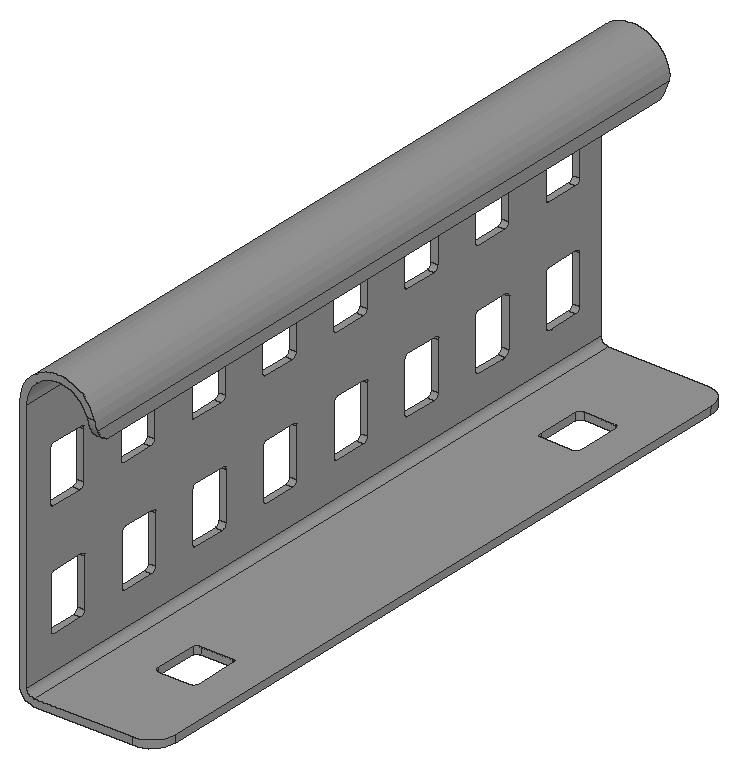
Revit family "Längsverbinder-LVG 60 FS,FT,FT SO,A2,A4", category Generic Models, Revit 2017
Family settings
  Can host rebar = No
  Round Connector Dimension = Use Diameter
  Part Type = Normal
  Work Plane-Based = No
  Always vertical = Yes
  Cut with Voids When Loaded = No
  Shared = No
  Room Calculation Point = No
Parameters (values of type "LVG 60 FT")
  Width 1 = 150 mm
  Width = 28.5 mm
  URL = "http://www.obo-bettermann.com"
  Radius = 5 mm
  Material = Hot-dip galvanised
  Manufacturer Art.No. = "6208843"
  Manufacturer = "OBO Bettermann"
  Height = 64 mm
  GTIN = "4012195065562"
  Article Type = "LVG 60 FT"
Types (6, lengths in mm): name | Material | Manufacturer Art.No. | GTIN | Article Type
  (no name) | Hot-dip galvanised | "6208843" | "4012195065562" | "LVG 60 FT"
  LVG 60 FS | Strip-galvanised | "6208840" | "4012195065555" | "LVG 60 FS"
  LVG 60 FT | Hot-dip galvanised | "6208843" | "4012195065562" | "LVG 60 FT"
  LVG 60 FT SO | Hot-dip galvanised 85 µm | "7189253" | "4012195313137" | "LVG 60 FT SO"
  LVG 60 A2 | Stainless steel, A2 | "6208846" | "4012195065579" | "LVG 60 A2"
  LVG 60 A4 | Stainless steel, A4 | "6208835" | "4012196666799" | "LVG 60 A4"
Reference planes
  plane 1 "Center (Front/Back)": y = 0
  plane 2: z = 0
  plane 3 "Center (Left/Right)": x = 0
  plane 4: z = 64
  plane 5: z = 61.018
  plane 6: through (-7.724, -1524, 53.056) normal (0.0017, 0, 1)
  plane 7: z = 62.504
  plane 8: x = 28.5
  plane 9: z = 52.935
  plane 10: z = 16
  plane 11: z = 40
  plane 12: z = 64.012
  plane 13: y = 75
  plane 14: z = 16
  plane 15: y = 140
  plane 16: y = 140
  plane 17: y = 121.5
  plane 18: y = 121.523
  plane 19: y = 103.045
  plane 20: y = 84.568
  plane 21: y = 66.09
  plane 22: y = 47.613
  plane 23: y = 29.136
  plane 24: y = 10.658
  plane 25: z = 40
  plane 26: y = 140
  plane 27: y = 121.487
  plane 28: y = 102.975
  plane 29: y = 84.462
  plane 30: y = 65.95
  plane 31: y = 47.437
  plane 32: y = 28.925
  plane 33: y = 10.412
  plane 34: x = 16.5
  plane 35: x = 16.5
  plane 36: y = 10.912
  plane 37: y = 140
  plane 38: y = 19.5
  plane 39: y = 130.5
  plane 40: x = 12.451
Forms (mm)
  Extrusion 1, solid, material "Hot-dip galvanised" <- "Material"
    sketch origin (0, 0, 0.018) x (1, 0, 0) y (0, 0, 1)
      loop
        line (28.5, 1.482) -> (3, 1.482)
        arc (3, 1.482) -> (1.939, 1.922) -> (1.5, 2.982) r 1.5
        line (1.5, 2.982) -> (1.5, 55.993)
        arc (1.5, 55.993) -> (7.957, 62.45) -> (14.414, 55.993) r 6.457
        line (14.414, 55.993) -> (14.414, 52.935) -> (15.931, 53.481) -> (15.931, 55.958)
        arc (15.931, 55.958) -> (7.965, 63.923) -> (0, 55.958) r 7.965
        line (0, 55.958) -> (0, 2.99)
        arc (0, 2.99) -> (0.881, 0.863) -> (3.008, -0.018) r 3.008
        line (3.008, -0.018) -> (28.5, -0.018) -> (28.5, 1.482)
    from -150 to 0
  Extrusion 2, void
    sketch origin (0, 0, 0) x (0, 1, 0) y (0, 0, 1)
      loop
        line (143.5, 22) -> (136.5, 22)
        arc (136.5, 22) -> (135.793, 21.707) -> (135.5, 21) r 1
        line (135.5, 21) -> (135.5, 11)
        arc (135.5, 11) -> (135.793, 10.293) -> (136.5, 10) r 1
        line (136.5, 10) -> (143.5, 10)
        arc (143.5, 10) -> (144.207, 10.293) -> (144.5, 11) r 1
        line (144.5, 11) -> (144.5, 21)
        arc (144.5, 21) -> (144.207, 21.707) -> (143.5, 22) r 1
    from 0 to 1.5
  Extrusion 3, void
    sketch origin (0, -18.477, 0) x (0, 1, 0) y (0, 0, 1)
      loop
        line (143.5, 22) -> (136.5, 22)
        arc (136.5, 22) -> (135.793, 21.707) -> (135.5, 21) r 1
        line (135.5, 21) -> (135.5, 11)
        arc (135.5, 11) -> (135.793, 10.293) -> (136.5, 10) r 1
        line (136.5, 10) -> (143.5, 10)
        arc (143.5, 10) -> (144.207, 10.293) -> (144.5, 11) r 1
        line (144.5, 11) -> (144.5, 21)
        arc (144.5, 21) -> (144.207, 21.707) -> (143.5, 22) r 1
    from 0 to 1.5
  Extrusion 4, void
    sketch origin (0, -36.955, 0) x (0, 1, 0) y (0, 0, 1)
      loop
        line (143.5, 22) -> (136.5, 22)
        arc (136.5, 22) -> (135.793, 21.707) -> (135.5, 21) r 1
        line (135.5, 21) -> (135.5, 11)
        arc (135.5, 11) -> (135.793, 10.293) -> (136.5, 10) r 1
        line (136.5, 10) -> (143.5, 10)
        arc (143.5, 10) -> (144.207, 10.293) -> (144.5, 11) r 1
        line (144.5, 11) -> (144.5, 21)
        arc (144.5, 21) -> (144.207, 21.707) -> (143.5, 22) r 1
    from 0 to 1.5
  Extrusion 5, void
    sketch origin (0, -55.432, 0) x (0, 1, 0) y (0, 0, 1)
      loop
        line (143.5, 22) -> (136.5, 22)
        arc (136.5, 22) -> (135.793, 21.707) -> (135.5, 21) r 1
        line (135.5, 21) -> (135.5, 11)
        arc (135.5, 11) -> (135.793, 10.293) -> (136.5, 10) r 1
        line (136.5, 10) -> (143.5, 10)
        arc (143.5, 10) -> (144.207, 10.293) -> (144.5, 11) r 1
        line (144.5, 11) -> (144.5, 21)
        arc (144.5, 21) -> (144.207, 21.707) -> (143.5, 22) r 1
    from 0 to 1.5
  Extrusion 6, void
    sketch origin (0, -73.91, 0) x (0, 1, 0) y (0, 0, 1)
      loop
        line (143.5, 22) -> (136.5, 22)
        arc (136.5, 22) -> (135.793, 21.707) -> (135.5, 21) r 1
        line (135.5, 21) -> (135.5, 11)
        arc (135.5, 11) -> (135.793, 10.293) -> (136.5, 10) r 1
        line (136.5, 10) -> (143.5, 10)
        arc (143.5, 10) -> (144.207, 10.293) -> (144.5, 11) r 1
        line (144.5, 11) -> (144.5, 21)
        arc (144.5, 21) -> (144.207, 21.707) -> (143.5, 22) r 1
    from 0 to 1.5
  Extrusion 7, void
    sketch origin (0, -92.387, 0) x (0, 1, 0) y (0, 0, 1)
      loop
        line (143.5, 22) -> (136.5, 22)
        arc (136.5, 22) -> (135.793, 21.707) -> (135.5, 21) r 1
        line (135.5, 21) -> (135.5, 11)
        arc (135.5, 11) -> (135.793, 10.293) -> (136.5, 10) r 1
        line (136.5, 10) -> (143.5, 10)
        arc (143.5, 10) -> (144.207, 10.293) -> (144.5, 11) r 1
        line (144.5, 11) -> (144.5, 21)
        arc (144.5, 21) -> (144.207, 21.707) -> (143.5, 22) r 1
    from 0 to 1.5
  Extrusion 8, void
    sketch origin (0, -110.864, 0) x (0, 1, 0) y (0, 0, 1)
      loop
        line (143.5, 22) -> (136.5, 22)
        arc (136.5, 22) -> (135.793, 21.707) -> (135.5, 21) r 1
        line (135.5, 21) -> (135.5, 11)
        arc (135.5, 11) -> (135.793, 10.293) -> (136.5, 10) r 1
        line (136.5, 10) -> (143.5, 10)
        arc (143.5, 10) -> (144.207, 10.293) -> (144.5, 11) r 1
        line (144.5, 11) -> (144.5, 21)
        arc (144.5, 21) -> (144.207, 21.707) -> (143.5, 22) r 1
    from 0 to 1.5
  Extrusion 9, void
    sketch origin (0, -129.342, 0) x (0, 1, 0) y (0, 0, 1)
      loop
        line (143.5, 22) -> (136.5, 22)
        arc (136.5, 22) -> (135.793, 21.707) -> (135.5, 21) r 1
        line (135.5, 21) -> (135.5, 11)
        arc (135.5, 11) -> (135.793, 10.293) -> (136.5, 10) r 1
        line (136.5, 10) -> (143.5, 10)
        arc (143.5, 10) -> (144.207, 10.293) -> (144.5, 11) r 1
        line (144.5, 11) -> (144.5, 21)
        arc (144.5, 21) -> (144.207, 21.707) -> (143.5, 22) r 1
    from 0 to 1.5
  Extrusion 10, void
    sketch origin (0, 0, 0) x (0, 1, 0) y (0, 0, 1)
      loop
        line (143.5, 46) -> (136.5, 46)
        arc (136.5, 46) -> (135.793, 45.707) -> (135.5, 45) r 1
        line (135.5, 45) -> (135.5, 35)
        arc (135.5, 35) -> (135.793, 34.293) -> (136.5, 34) r 1
        line (136.5, 34) -> (143.5, 34)
        arc (143.5, 34) -> (144.207, 34.293) -> (144.5, 35) r 1
        line (144.5, 35) -> (144.5, 45)
        arc (144.5, 45) -> (144.207, 45.707) -> (143.5, 46) r 1
    from 0 to 1.5
  Extrusion 11, void
    sketch origin (0, -18.513, 0) x (0, 1, 0) y (0, 0, 1)
      loop
        line (143.5, 46) -> (136.5, 46)
        arc (136.5, 46) -> (135.793, 45.707) -> (135.5, 45) r 1
        line (135.5, 45) -> (135.5, 35)
        arc (135.5, 35) -> (135.793, 34.293) -> (136.5, 34) r 1
        line (136.5, 34) -> (143.5, 34)
        arc (143.5, 34) -> (144.207, 34.293) -> (144.5, 35) r 1
        line (144.5, 35) -> (144.5, 45)
        arc (144.5, 45) -> (144.207, 45.707) -> (143.5, 46) r 1
    from 0 to 1.5
  Extrusion 12, void
    sketch origin (0, -37.025, 0) x (0, 1, 0) y (0, 0, 1)
      loop
        line (143.5, 46) -> (136.5, 46)
        arc (136.5, 46) -> (135.793, 45.707) -> (135.5, 45) r 1
        line (135.5, 45) -> (135.5, 35)
        arc (135.5, 35) -> (135.793, 34.293) -> (136.5, 34) r 1
        line (136.5, 34) -> (143.5, 34)
        arc (143.5, 34) -> (144.207, 34.293) -> (144.5, 35) r 1
        line (144.5, 35) -> (144.5, 45)
        arc (144.5, 45) -> (144.207, 45.707) -> (143.5, 46) r 1
    from 0 to 1.5
  Extrusion 13, void
    sketch origin (0, -55.538, 0) x (0, 1, 0) y (0, 0, 1)
      loop
        line (143.5, 46) -> (136.5, 46)
        arc (136.5, 46) -> (135.793, 45.707) -> (135.5, 45) r 1
        line (135.5, 45) -> (135.5, 35)
        arc (135.5, 35) -> (135.793, 34.293) -> (136.5, 34) r 1
        line (136.5, 34) -> (143.5, 34)
        arc (143.5, 34) -> (144.207, 34.293) -> (144.5, 35) r 1
        line (144.5, 35) -> (144.5, 45)
        arc (144.5, 45) -> (144.207, 45.707) -> (143.5, 46) r 1
    from 0 to 1.5
  Extrusion 14, void
    sketch origin (0, -74.05, 0) x (0, 1, 0) y (0, 0, 1)
      loop
        line (143.5, 46) -> (136.5, 46)
        arc (136.5, 46) -> (135.793, 45.707) -> (135.5, 45) r 1
        line (135.5, 45) -> (135.5, 35)
        arc (135.5, 35) -> (135.793, 34.293) -> (136.5, 34) r 1
        line (136.5, 34) -> (143.5, 34)
        arc (143.5, 34) -> (144.207, 34.293) -> (144.5, 35) r 1
        line (144.5, 35) -> (144.5, 45)
        arc (144.5, 45) -> (144.207, 45.707) -> (143.5, 46) r 1
    from 0 to 1.5
  Extrusion 15, void
    sketch origin (0, -92.563, 0) x (0, 1, 0) y (0, 0, 1)
      loop
        line (143.5, 46) -> (136.5, 46)
        arc (136.5, 46) -> (135.793, 45.707) -> (135.5, 45) r 1
        line (135.5, 45) -> (135.5, 35)
        arc (135.5, 35) -> (135.793, 34.293) -> (136.5, 34) r 1
        line (136.5, 34) -> (143.5, 34)
        arc (143.5, 34) -> (144.207, 34.293) -> (144.5, 35) r 1
        line (144.5, 35) -> (144.5, 45)
        arc (144.5, 45) -> (144.207, 45.707) -> (143.5, 46) r 1
    from 0 to 1.5
  Extrusion 16, void
    sketch origin (0, -111.075, 0) x (0, 1, 0) y (0, 0, 1)
      loop
        line (143.5, 46) -> (136.5, 46)
        arc (136.5, 46) -> (135.793, 45.707) -> (135.5, 45) r 1
        line (135.5, 45) -> (135.5, 35)
        arc (135.5, 35) -> (135.793, 34.293) -> (136.5, 34) r 1
        line (136.5, 34) -> (143.5, 34)
        arc (143.5, 34) -> (144.207, 34.293) -> (144.5, 35) r 1
        line (144.5, 35) -> (144.5, 45)
        arc (144.5, 45) -> (144.207, 45.707) -> (143.5, 46) r 1
    from 0 to 1.5
  Extrusion 17, void
    sketch origin (0, -129.588, 0) x (0, 1, 0) y (0, 0, 1)
      loop
        line (143.5, 46) -> (136.5, 46)
        arc (136.5, 46) -> (135.793, 45.707) -> (135.5, 45) r 1
        line (135.5, 45) -> (135.5, 35)
        arc (135.5, 35) -> (135.793, 34.293) -> (136.5, 34) r 1
        line (136.5, 34) -> (143.5, 34)
        arc (143.5, 34) -> (144.207, 34.293) -> (144.5, 35) r 1
        line (144.5, 35) -> (144.5, 45)
        arc (144.5, 45) -> (144.207, 45.707) -> (143.5, 46) r 1
    from 0 to 1.5
  Extrusion 18, void
    sketch origin (0, 0, 0) x (1, 0, 0) y (0, 1, 0)
      loop
        arc (12.451, 120.5) -> (12.744, 119.793) -> (13.451, 119.5) r 1
        line (13.451, 119.5) -> (20, 119.5)
        arc (20, 119.5) -> (20.707, 119.793) -> (21, 120.5) r 1
        line (21, 120.5) -> (21, 129.5)
        arc (21, 129.5) -> (20.707, 130.207) -> (20, 130.5) r 1
        line (20, 130.5) -> (13.451, 130.5)
        arc (13.451, 130.5) -> (12.744, 130.207) -> (12.451, 129.5) r 1
        line (12.451, 129.5) -> (12.451, 120.5)
    from 0 to 1.5
  Extrusion 19, void
    sketch origin (0, 0, 0) x (1, 0, 0) y (0, 1, 0)
      loop
        arc (20, 19.5) -> (20.707, 19.793) -> (21, 20.5) r 1
        line (21, 20.5) -> (21, 29.5)
        arc (21, 29.5) -> (20.707, 30.207) -> (20, 30.5) r 1
        line (20, 30.5) -> (13.451, 30.5)
        arc (13.451, 30.5) -> (12.744, 30.207) -> (12.451, 29.5) r 1
        line (12.451, 29.5) -> (12.451, 20.5)
        arc (12.451, 20.5) -> (12.744, 19.793) -> (13.451, 19.5) r 1
        line (13.451, 19.5) -> (20, 19.5)
    from 0 to 1.5
  Extrusion 20, void
    sketch origin (0, 0, 0) x (1, 0, 0) y (0, 1, 0)
      loop
        arc (28.5, 5) -> (27.036, 1.464) -> (23.5, 0) r 5
        line (23.5, 0) -> (28.5, 0) -> (28.5, 5)
      loop
        line (28.5, 150) -> (23.5, 150)
        arc (23.5, 150) -> (27.036, 148.536) -> (28.5, 145) r 5
        line (28.5, 145) -> (28.5, 150)
    from 0 to 1.5
  Extrusion 21, void
    sketch origin (0, 0, 0) x (0, 1, 0) y (0, 0, 1)
      loop
        line (0, 57.935) -> (0, 52.935) -> (5, 52.935)
        arc (5, 52.935) -> (1.464, 54.399) -> (0, 57.935) r 5
    from 13.962 to 15.931
  Extrusion 22, void
    sketch origin (0, 0, 0) x (0, 1, 0) y (0, 0, 1)
      loop
        arc (150, 57.935) -> (148.536, 54.399) -> (145, 52.935) r 5
        line (145, 52.935) -> (150, 52.935) -> (150, 57.935)
    from 2.974 to 15.931
Cuts and joins
  Extrusion 2, Extrusion 3, Extrusion 4, Extrusion 5, Extrusion 6, Extrusion 7, Extrusion 8, Extrusion 9, Extrusion 10, Extrusion 11, Extrusion 12, Extrusion 13, Extrusion 14, Extrusion 15, Extrusion 16, Extrusion 17, Extrusion 18, Extrusion 19, Extrusion 20, Extrusion 21, Extrusion 22 cuts Extrusion 1
Dimensions and locks
  "Height": plane 4 to level
  "Width": Extrusion 1 sketch curve to Extrusion 1 sketch curve
  locked: Extrusion 1 sketch curve to Extrusion 1 sketch curve at 1.5
  locked: Extrusion 1 to Extrusion 1 at 1.5  (x2)
  locked: plane 9 to Extrusion 1 at 51.5
  "Width 1": Extrusion 1 to Extrusion 1
  Extrusion 1 to Extrusion 1 = 150 mm
  locked: plane 10 to level at 16
  locked: plane 11 to plane 10 at 24
  locked: Extrusion 1 to plane 13 at 75
  locked: Extrusion 2 sketch curve to Extrusion 2 sketch curve at 9
  locked: Extrusion 2 sketch curve to Extrusion 2 sketch curve at 12
  locked: plane 16 to plane 17 at 18.5
  locked: cut or joined group 1 (Extrusion 1, Extrusion 2, Extrusion 3, Extrusion 4, Extrusion 5, Extrusion 6, Extrusion 7, Extrusion 8, Extrusion 9, Extrusion 10, Extrusion 11, Extrusion 12, Extrusion 13, Extrusion 14, Extrusion 15, Extrusion 16, Extrusion 17, Extrusion 18, Extrusion 19, Extrusion 20, Extrusion 21, Extrusion 22) to cut or joined group 1 at 14.5
  locked: Extrusion 3 sketch curve to Extrusion 3 sketch curve at 9
  locked: Extrusion 3 sketch curve to Extrusion 3 sketch curve at 12
  equal spacing: group 1, group 2, group 3, group 4, group 5, group 6, group 7, group 8  (x2)
  equal spacing: group 8, group 7, group 6, group 5, group 4, group 3, group 2, group 1
  locked: Extrusion 4 sketch curve to Extrusion 4 sketch curve at 9
  locked: Extrusion 4 sketch curve to Extrusion 4 sketch curve at 12
  locked: Extrusion 5 sketch curve to Extrusion 5 sketch curve at 9
  locked: Extrusion 5 sketch curve to Extrusion 5 sketch curve at 12
  locked: Extrusion 6 sketch curve to Extrusion 6 sketch curve at 9
  locked: Extrusion 6 sketch curve to Extrusion 6 sketch curve at 12
  locked: Extrusion 7 sketch curve to Extrusion 7 sketch curve at 9
  locked: Extrusion 7 sketch curve to Extrusion 7 sketch curve at 12
  locked: Extrusion 8 sketch curve to Extrusion 8 sketch curve at 9
  locked: Extrusion 8 sketch curve to Extrusion 8 sketch curve at 12
  locked: Extrusion 9 sketch curve to Extrusion 9 sketch curve at 9
  locked: Extrusion 9 sketch curve to Extrusion 9 sketch curve at 12
  locked: Extrusion 10 sketch curve to Extrusion 10 sketch curve at 12
  locked: Extrusion 10 sketch curve to Extrusion 10 sketch curve at 9
  locked: Extrusion 11 sketch curve to Extrusion 11 sketch curve at 12
  locked: Extrusion 11 sketch curve to Extrusion 11 sketch curve at 9
  equal spacing: group 9, group 10, group 11, group 12, group 13, group 14, group 15, group 16  (x2)
  equal spacing: group 16, group 15, group 14, group 13, group 12, group 11, group 10, group 9
  locked: Extrusion 12 sketch curve to Extrusion 12 sketch curve at 12
  locked: Extrusion 12 sketch curve to Extrusion 12 sketch curve at 9
  locked: Extrusion 13 sketch curve to Extrusion 13 sketch curve at 12
  locked: Extrusion 13 sketch curve to Extrusion 13 sketch curve at 9
  locked: Extrusion 14 sketch curve to Extrusion 14 sketch curve at 12
  locked: Extrusion 14 sketch curve to Extrusion 14 sketch curve at 9
  locked: Extrusion 15 sketch curve to Extrusion 15 sketch curve at 12
  locked: Extrusion 15 sketch curve to Extrusion 15 sketch curve at 9
  locked: Extrusion 16 sketch curve to Extrusion 16 sketch curve at 12
  locked: Extrusion 16 sketch curve to Extrusion 16 sketch curve at 9
  locked: Extrusion 17 sketch curve to Extrusion 17 sketch curve at 12
  locked: Extrusion 17 sketch curve to Extrusion 17 sketch curve at 9
  locked: cut or joined group 1 to plane 34 at 16.5
  cut or joined group 1 to plane 36 = 10.912 mm
  locked: cut or joined group 1 to plane 38 at 19.5
  locked: cut or joined group 1 to plane 39 at 19.5
  locked: plane 3 "Center (Left/Right)" to plane 34 at 16.5
  cut or joined group 1 to plane 35 = 0.569 mm
  locked: Extrusion 18 sketch curve to cut or joined group 1 at 7.5
  locked: Extrusion 18 sketch curve to Extrusion 18 sketch curve at 8.549
  locked: Extrusion 19 sketch curve to cut or joined group 1 at 7.5
  cut or joined group 1 to Extrusion 19 sketch curve = 6.586 mm  (x2)
  locked: cut or joined group 1 to cut or joined group 1 at 19.5
  locked: cut or joined group 1 to cut or joined group 1 at 30.5
  locked: plane 9 to cut or joined group 1 (angle 19.8134°)
  aligned and locked: level to plane 2
  aligned and locked: Extrusion 1 sketch curve to plane 3 "Center (Left/Right)"
  aligned and locked: Extrusion 1 to level
  aligned and locked: plane 9 to Extrusion 1
  aligned and locked: plane 1 "Center (Front/Back)" to Extrusion 1
  aligned and locked: plane 14 to plane 10
  aligned and locked: Extrusion 1 to Extrusion 2
  aligned and locked: Extrusion 2 to plane 3 "Center (Left/Right)"
  aligned and locked: plane 25 to plane 11
  aligned and locked: plane 26 to plane 16
  aligned and locked: Extrusion 1 to Extrusion 10
  aligned and locked: Extrusion 10 to plane 3 "Center (Left/Right)"
  aligned and locked: plane 35 to plane 34
  aligned and locked: Extrusion 1 to Extrusion 19
  aligned and locked: Extrusion 19 to level
  aligned and locked: Extrusion 1 to Extrusion 18
  aligned and locked: Extrusion 1 to Extrusion 20
  aligned and locked: Extrusion 20 to level
Automatic sketch dimensions
  plane 15 to Extrusion 2 sketch curve = 4.5 mm
  Extrusion 2 sketch curve to Extrusion 2 sketch curve = 1 mm  (x4)
  plane 18 to Extrusion 3 sketch curve = 4.5 mm
  Extrusion 3 sketch curve to Extrusion 3 sketch curve = 1 mm  (x4)
  plane 19 to Extrusion 4 sketch curve = 4.5 mm
  Extrusion 4 sketch curve to Extrusion 4 sketch curve = 1 mm  (x4)
  plane 20 to Extrusion 5 sketch curve = 4.5 mm
  Extrusion 5 sketch curve to Extrusion 5 sketch curve = 1 mm  (x4)
  plane 21 to Extrusion 6 sketch curve = 4.5 mm
  Extrusion 6 sketch curve to Extrusion 6 sketch curve = 1 mm  (x4)
  plane 22 to Extrusion 7 sketch curve = 4.5 mm
  Extrusion 7 sketch curve to Extrusion 7 sketch curve = 1 mm  (x4)
  plane 23 to Extrusion 8 sketch curve = 4.5 mm
  Extrusion 8 sketch curve to Extrusion 8 sketch curve = 1 mm  (x4)
  plane 24 to Extrusion 9 sketch curve = 4.5 mm
  Extrusion 9 sketch curve to Extrusion 9 sketch curve = 1 mm  (x4)
  Extrusion 10 sketch curve to Extrusion 10 sketch curve = 1 mm  (x4)
  Extrusion 10 sketch curve to plane 26 = 4.5 mm
  Extrusion 11 sketch curve to Extrusion 11 sketch curve = 1 mm  (x4)
  Extrusion 11 sketch curve to plane 27 = 4.5 mm
  Extrusion 12 sketch curve to Extrusion 12 sketch curve = 1 mm  (x4)
  Extrusion 12 sketch curve to plane 28 = 4.5 mm
  Extrusion 13 sketch curve to Extrusion 13 sketch curve = 1 mm  (x4)
  Extrusion 13 sketch curve to plane 29 = 4.5 mm
  Extrusion 14 sketch curve to Extrusion 14 sketch curve = 1 mm  (x4)
  Extrusion 14 sketch curve to plane 30 = 4.5 mm
  Extrusion 15 sketch curve to Extrusion 15 sketch curve = 1 mm  (x4)
  Extrusion 15 sketch curve to plane 31 = 4.5 mm
  Extrusion 16 sketch curve to Extrusion 16 sketch curve = 1 mm  (x4)
  Extrusion 16 sketch curve to plane 32 = 4.5 mm
  Extrusion 17 sketch curve to Extrusion 17 sketch curve = 1 mm  (x4)
  Extrusion 17 sketch curve to plane 33 = 4.5 mm
  Extrusion 18 sketch curve to plane 39 = 0 mm
  Extrusion 18 sketch curve to plane 39 = 1 mm  (x2)
  Extrusion 18 sketch curve to Extrusion 18 sketch curve = 1 mm
  plane 17 to Extrusion 18 sketch curve = 1 mm  (x2)
  Extrusion 19 sketch curve to plane 40 = 0 mm
  Extrusion 19 sketch curve to plane 38 = 0 mm
  Extrusion 19 sketch curve to Extrusion 19 sketch curve = 1 mm  (x3)
  plane 40 to Extrusion 19 sketch curve = 1 mm
  Extrusion 19 sketch curve to Extrusion 19 sketch curve = 9 mm
  plane 1 "Center (Front/Back)" to Extrusion 20 sketch curve = 0 mm
  plane 34 to Extrusion 20 sketch curve = 7 mm  (x2)
  Extrusion 20 sketch curve to Extrusion 20 sketch curve = 0 mm  (x4)
  Extrusion 20 sketch curve to Extrusion 20 sketch curve = 5 mm  (x2)
  Extrusion 20 sketch curve to plane 16 = 5 mm
  Extrusion 20 sketch curve to plane 1 "Center (Front/Back)" = 5 mm
  Extrusion 1 sketch curve to level = 0 mm
  plane 3 "Center (Left/Right)" to Extrusion 1 sketch curve = 1.5 mm
  Extrusion 1 sketch curve to Extrusion 1 sketch curve = 1.5 mm
  Extrusion 1 sketch curve to Extrusion 1 sketch curve = 0.008 mm  (x2)
  plane 6 to Extrusion 1 sketch curve = 2.999 mm
  Extrusion 1 sketch curve to Extrusion 1 sketch curve = 6.457 mm
  Extrusion 1 sketch curve to plane 6 = 0.048 mm
  plane 6 to Extrusion 1 sketch curve = 0.501 mm
  Extrusion 1 sketch curve to Extrusion 1 sketch curve = 0.035 mm
  Extrusion 21 sketch curve to plane 1 "Center (Front/Back)" = 0 mm
  Extrusion 21 sketch curve to plane 9 = 0 mm
  Extrusion 21 sketch curve to plane 1 "Center (Front/Back)" = 5 mm
  Extrusion 22 sketch curve to plane 9 = 0 mm
  Extrusion 22 sketch curve to plane 16 = 5 mm
  plane 9 to Extrusion 22 sketch curve = 5 mm
